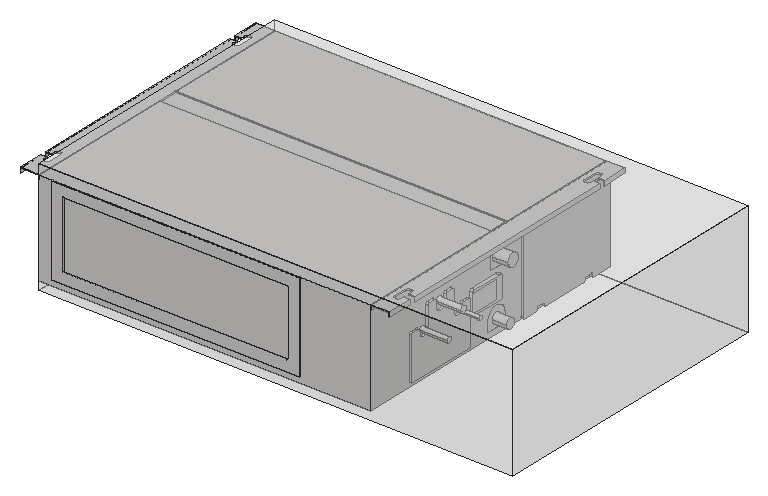
Revit family "outputfile", category 機械設備, Revit 2024
Family settings
  丸型コネクタ寸法 = 半径を使用
  パーツ タイプ = 標準
  OmniClass 番号 = 23.75.10.24.21.27.27
  OmniClass タイトル = Split System Air Conditioning Units
  作業面ベース = いいえ
  常に垂直 = はい
  ロード時にボイドで切り取り = いいえ
  注釈の向きを維持 = いいえ
  共有 = いいえ
  部屋計算ポイント = はい
Parameters (values of type "FPRAQ40APVM")
  Description = ""
  製造元 = "Daikin"
  書き出し IFC クラス(タイプ) = "IfcUnitaryEquipmentType"
  定義済み IFC タイプ(タイプ) = "AIRCONDITIONINGUNIT"
  Cost = 0
  モデル = "FPRAQ40APVM"
  Type Comments = ""
  Keynote = ""
  Type Image = (empty or 0)
  Assembly Code = ""
  r_HP/LP Gas Pipe Size = [HP/LP Gas Pipe Size] / 2  # 4.75 mm
  lw_suctionflange = 40.0 mm  # constant formula
  r_Liquid Pipe Size = Liquid Pipe Size / 2  # 3.2 mm
  r_Gas Pipe Size = Gas Pipe Size / 2  # 6.35 mm
  r_Drain Pipe Size = Drain Pipe Size / 2  # 13.0 mm
  lw_dischargeflange = 61.0 mm
  lw_SA_left = 351.0 mm
  lw_SA = Width - 178.0 mm  # 522.0 mm
  lw_RA = 618.0 mm
  lw_HP/LP Gas = 60.0 mm  # constant formula
  lh_suctionflange [instance] = if(Rear Connection_Return Air, -100.0 mm, -10.0 mm)  # -100.0 mm
  lh_power = 100.0 mm  # constant formula
  lh_mountinghole1 = lh_mountinghole  # 200.0 mm
  lh_dischargeflange = 105.5 mm  # constant formula
  lh_RA = 198.0 mm  # constant formula
  lh_HP/LP Gas = -103.0 mm  # constant formula
  left_pipe = no
  ld_dischargeflange = 310.0 mm  # constant formula
  ld_suctionflange [instance] = if(Rear Connection_Return Air, 190.0 mm, 100.0 mm)  # 190.0 mm
  ld_HP/LP Gas = 179.0 mm  # constant formula
  angle_vertical_RA [instance] = if(Rear Connection_Return Air, 90.00°, 0.00°)  # 90.00°
  angle horizontal_RA [instance] = if(Rear Connection_Return Air, 180.00°, 270.00°)  # 180.00°
  Voltage_comment_60Hz = "220-230"
  Voltage_comment_50Hz = "220 - 240"
  Voltage_60Hz = 220 V
  Voltage_50Hz = 230 V
  URL = ""
  Supply Air Direction [instance] = yes
  Sound Power Level_H speed (dB) = 0
  Rear Connection_Return Air [instance] = not(Bottom Connection_Return Air)  # yes
  ld_RA = 190.0 mm  # constant formula
  Phase_60Hz = 1
  Phase_50Hz = 1
  Minimum External Static Pressure = 0.00 Pa
  Minimum Circuit Amps_60Hz = 0.6 A
  Minimum Circuit Amps_50Hz = 0.6 A
  Maximum Fuse Amps_60Hz = 16.0 A
  Maximum Fuse Amps_50Hz = 16.0 A
  Maximum External Static Pressure = 10.00 Pa
  Material_Casing = DAIKIN_GalvanizedSteel_Casing_indoorunit
  lw_mountinghole = 740.0 mm
  lh_gaspipe = -67.0 mm  # constant formula
  lh_mountinghole = 200.0 mm  # constant formula
  lh_liquidpipe = -103.0 mm  # constant formula
  lh_drainpipe = -50.0 mm  # constant formula
  lh_antena = 1.0 mm  # constant formula
  ld_drainpipe = 23.0 mm  # constant formula
  ld_liquidpipe = 89.0 mm  # constant formula
  ld_gaspipe = 134.0 mm  # constant formula
  ld_mountinghole = 500.0 mm  # constant formula
  h*** = 100.0 mm  # constant formula
  lw_liquidpipe = 54.5 mm  # constant formula
  lw_gaspipe = 54.5 mm  # constant formula
  lw_drainpipe = 33.0 mm  # constant formula
  Width = 700.0 mm
  Version = "ver.1.0"
  Unit Type = "Moisture Control 3D Air Flow Ceiling Mounted Duct Type"
  Unit Mass Weight = 24.00 kg
  Unit Designation [instance] = ""
  Uniclass2015Version = "Products v1.30"
  Uniclass2015Title = "Variable refrigerant flow units"
  Uniclass2015Code = "Pr_70_65_03_94"
  Total Cooling Capacity [instance] = 0.000 kW
  Sound Pressure Level_M speed (dBA) = 32
  Sound Pressure Level_L speed (dBA) = 28
  Sound Pressure Level_H speed (dBA) = 36
  Series = "VRV HOME_Fan Coil Unit"
  Sensible Cooling Capacity [instance] = 0.000 kW
  SA Duct Size Width = 456.0 mm
  SA Duct Size Height = 141.0 mm
  Refrigerant Type = "R410A"
  RA Duct Size Width = 580.0 mm
  RA Duct Size Height = 160.0 mm
  Power Input (Cooling) = 0.050 kW
  Option Accessory 3 [instance] = ""
  Option Accessory 2 [instance] = ""
  Option Accessory 1 [instance] = ""
  Nominal Cooling Capacity = 4.500 kW
  Minimum Airflow = 432.00 m³/h
  Median Airflow = 510.00 m³/h
  Maximum Airflow = 600.00 m³/h
  Load Classification = HVAC
  Liquid Pipe Size = 6.4 mm
  Link_Nested Family [instance] = ""
  IfcVersion = ""
  IfcExportType = "AIRCONDITIONINGUNIT"
  IfcExportAs = "IfcUnitaryEquipmentType"
  Height = 200.0 mm
  Heat Exchanger Type = "Cross Fin Coil"
  HP/LP Gas Pipe Size = 9.5 mm
  Gas Pipe Size = 12.7 mm
  Frequency_60Hz = 60 Hz
  Frequency_50Hz = 50 Hz
  Fan Type = "Sirocco Fan"
  Fan Drive = "Direct Drive"
  FCU Tag No. [instance] = ""
  Drain Pipe Size = 26.0 mm
  Design Supply Airflow [instance] = 0.00 m³/h
  Design Return Airflow [instance] = 0.00 m³/h
  Design External Static Pressure [instance] = 0.00 Pa
  Depth = 620.0 mm
  既定の高さ = 0.0 mm
  Cooling Entering Wet Bulb Temperature [instance] = 0.00 °C
  Cooling Entering Dry Bulb Temperature [instance] = 0.00 °C
  Cooling Ambient Wet Bulb Temperature [instance] = 0.00 °C
  Cooling Ambient Dry Bulb Temperature [instance] = 0.00 °C
  Clearance visibility [instance] = yes
  Clearance Top = 20.0 mm
  Clearance Right = 300.0 mm
  Clearance Rear = 0.0 mm
  Clearance Left = 0.0 mm
  Clearance Front = 0.0 mm
  Clearance Bottom = 20.0 mm
  Bottom Connection_Return Air [instance] = no
Reference planes
  plane 1 "Center (Front/Back)": y = 0
  plane 2 "h": z = 0
  plane 3 "Center (Left/Right)": x = 0
  plane 4 "Back": y = 310
  plane 5 "Front": y = -310
  plane 6 "Left": x = -350
  plane 7 "Reight": x = 350
  plane 8 "Top": z = 0
  plane 9 "Bottom": z = -200
  plane 10: z = 1.2
  plane 11: z = -2
  plane 12: y = -136.255
  plane 13: y = -88.831
  plane 14: x = -370
  plane 15 "lh_mountinghole": z = 0
  plane 16: z = -50
  plane 17: y = -250
  plane 18: y = 250
  plane 19 "ld_liquidpipe": y = -89
  plane 20 "ld_gaspipe": y = -134
  plane 21: y = -215
  plane 22 "ld_drainpipe": y = 23
  plane 23: x = -370
  plane 24: x = -350
  plane 25: x = 348.7
  plane 26: x = 383
  plane 27: x = 357
  plane 28: x = 360
  plane 29: x = 358
  plane 30: x = 370
  plane 31: y = 20
  plane 32: x = 380
  plane 33: x = 348
  plane 34: y = 310
  plane 35: y = -310
  plane 36: x = -350
  plane 37: x = 650
  plane 38: z = 20
  plane 39: z = -220
  plane 40: y = 335
  plane 41: z = -198
  plane 42: z = 205.102
  plane 43 "d_liquid_pipe": x = 404.5
  plane 44 "d_gas_pipe": x = 404.5
  plane 45 "ld_SA": y = -310
  plane 46: x = -350
  plane 47: x = -61
  plane 48: y = 500
  plane 49: z = -94.5
  plane 50: x = -349
  plane 51: z = -199
  plane 52: z = -1
  plane 53: y = 120
  plane 54: y = 110
  plane 55: z = -10
  plane 56 "RA_width": x = -40
  plane 57: y = 210
  plane 58 "RA_depth": y = 120
  plane 59: z = -100
  plane 60: x = -349
  plane 61: y = 309
  plane 62: x = 241.57
  plane 63: z = -30
  plane 64 "ld_HP/LP Gas": y = -179
  plane 65: x = 410
  plane 66: x = 330.5
  plane 67: y = 260.8
  plane 68 "h115": z = -84.79
  plane 69: y = 194.79
Forms (mm)
  Extrusion 1, solid, material "DAIKIN_GalvanizedSteel_Casing_indoorunit" <- "Material_Casing"
    sketch origin (0, 0, 0) x (1, 0, 0) y (0, 1, 0)
      loop
        line (-350, 310) -> (-350, -310) -> (350, -310) -> (350, 310) -> (-350, 310)
    from -200 to 0
  Extrusion 2, solid, material "DAIKIN_GalvanizedSteel_Casing_indoorunit" <- "Material_Casing"
    sketch origin (0, 0, 0) x (0, 1, 0) y (0, 0, 1)
      loop
        arc (22.012, -86.909) -> (21.133, -84.787) -> (19.012, -83.909) r 3
        line (19.012, -83.909) -> (-47.992, -83.909)
        arc (-47.992, -83.909) -> (-50.114, -84.788) -> (-50.992, -86.91) r 3
        line (-50.992, -86.91) -> (-50.992, -128.409)
        arc (-50.992, -128.409) -> (-50.114, -130.53) -> (-47.992, -131.409) r 3
        line (-47.992, -131.409) -> (19.012, -131.409)
        arc (19.012, -131.409) -> (21.133, -130.53) -> (22.012, -128.409) r 3
        line (22.012, -128.409) -> (22.012, -86.909)
    from 350 to 360
  Extrusion 3, void
    sketch origin (0, 0, 0) x (1, 0, 0) y (0, 1, 0)
      loop
        line (348.7, 48.53) -> (-350, 48.53) -> (-350, 6.27) -> (348.7, 6.27) -> (348.7, 48.53)
    from -2 to 0
  Extrusion 4, void
    sketch origin (0, 0, 0) x (0, 1, 0) y (0, 0, 1)
      loop
        line (-138.492, -87.409) -> (-138.492, -127.909) -> (9.612, -127.909) -> (9.612, -87.409) -> (-138.492, -87.409)
    from 358 to 360
  Extrusion 5, solid, material "DAIKIN_GalvanizedSteel_Casing_indoorunit" <- "Material_Casing"
    sketch origin (0, 0, 0) x (0, 1, 0) y (0, 0, 1)
      loop
        circle (20, -170) r 10
    from 350 to 380
  Extrusion 6, solid, material "DAIKIN_GalvanizedSteel_Casing_indoorunit" <- "Material_Casing"
    sketch origin (0, 0, 0) x (0, 1, 0) y (0, 0, 1)
      loop
        circle (23, -50) r 13
    from 348 to 383
  Extrusion 7, void
    sketch origin (0, 0, 0) x (0, 1, 0) y (0, 0, 1)
      loop
        arc (2.051, -70.461) -> (3.512, -73.988) -> (7.039, -75.449) r 4.988
        line (7.039, -75.449) -> (38.961, -75.449)
        arc (38.961, -75.449) -> (42.488, -73.988) -> (43.949, -70.461) r 4.988
        line (43.949, -70.461) -> (43.949, -34.039)
        arc (43.949, -34.039) -> (42.488, -30.512) -> (38.961, -29.051) r 4.988
        line (38.961, -29.051) -> (7.039, -29.051)
        arc (7.039, -29.051) -> (3.512, -30.512) -> (2.051, -34.039) r 4.988
        line (2.051, -34.039) -> (2.051, -70.461)
      loop
        arc (44.442, -169.501) -> (20.002, -145.061) -> (-4.438, -169.501) r 24.44
        line (-4.438, -169.501) -> (-4.438, -189.537) -> (44.442, -189.537) -> (44.442, -169.501)
    from 348 to 350
  Extrusion 8, solid
    sketch origin (0, 0, 0) x (0, 1, 0) y (0, 0, 1)
      loop
        circle (-89, -103) r 3.2
    from 350 to 404.5
  Extrusion 9, solid
    sketch origin (0, 0, 0) x (0, 1, 0) y (0, 0, 1)
      loop
        circle (-134, -67) r 6.35
    from 350 to 404.5
  Extrusion 10, solid, material "DAIKIN_GalvanizedSteel_Casing_indoorunit" <- "Material_Casing"
    sketch origin (0, 0, 0) x (1, 0, 0) y (0, 1, 0)
      loop
        circle (330.5, 260.8) r 17.5
    from -198 to -200
  Extrusion 11, void
    sketch origin (0, 0, 0) x (1, 0, 0) y (0, 0, 1)
      loop
        line (-349, -1) -> (-349, -199) -> (269, -199) -> (269, -1) -> (-349, -1)
    from -310 to -120
  Extrusion 12, void
    sketch origin (0, 0, 0) x (1, 0, 0) y (0, 1, 0)
      loop
        line (-349, 309) -> (-349, 111) -> (269, 111) -> (269, 309) -> (-349, 309)
    from -200 to -10
  Extrusion 13, solid, material "DAIKIN_GalvanizedSteel_Casing_indoorunit" <- "Material_Casing", visible <- "Rear Connection_Return Air"
    sketch origin (0, 0, 0) x (1, 0, 0) y (0, 1, 0)
      loop
        line (269, 309) -> (-349, 309) -> (-349, 111) -> (269, 111) -> (269, 309)
    from -200 to -199
  Extrusion 14, solid, material "DAIKIN_GalvanizedSteel_Casing_indoorunit" <- "Material_Casing", visible <- "Bottom Connection_Return Air"
    sketch origin (0, 0, 0) x (1, 0, 0) y (0, 0, 1)
      loop
        line (269, -1) -> (-349, -1) -> (-349, -199) -> (269, -199) -> (269, -1)
    from -310 to -300
  Extrusion 15, solid
    sketch origin (0, 0, 0) x (0, 1, 0) y (0, 0, 1)
      loop
        circle (-179, -103) r 4.75
    from 350 to 410
  Extrusion 16, solid, material "DAIKIN_GalvanizedSteel_Casing_indoorunit" <- "Material_Casing"
    sketch origin (0, 0, 0) x (0, 1, 0) y (0, 0, 1)
      loop
        arc (83.953, -195.012) -> (84.829, -197.128) -> (86.945, -198.005) r 2.993
        line (86.945, -198.005) -> (116.373, -198.005)
        arc (116.373, -198.005) -> (118.489, -197.128) -> (119.366, -195.012) r 2.993
        line (119.366, -195.012) -> (119.366, -188.29)
        arc (119.366, -188.29) -> (120.862, -186.794) -> (122.359, -188.29) r 1.496
        line (122.359, -188.29) -> (122.359, -190.333) -> (137.322, -190.333) -> (137.322, -188.29)
        arc (137.322, -188.29) -> (138.818, -186.794) -> (140.315, -188.29) r 1.496
        line (140.315, -188.29) -> (140.315, -195.012)
        arc (140.315, -195.012) -> (141.191, -197.128) -> (143.307, -198.005) r 2.993
        line (143.307, -198.005) -> (241.068, -198.005)
        arc (241.068, -198.005) -> (243.185, -197.128) -> (244.061, -195.012) r 2.993
        line (244.061, -195.012) -> (244.061, -188.29)
        arc (244.061, -188.29) -> (245.558, -186.794) -> (247.054, -188.29) r 1.496
        line (247.054, -188.29) -> (247.054, -190.333) -> (262.017, -190.333) -> (262.017, -188.29)
        arc (262.017, -188.29) -> (263.514, -186.794) -> (265.01, -188.29) r 1.496
        line (265.01, -188.29) -> (265.01, -195.012)
        arc (265.01, -195.012) -> (265.887, -197.128) -> (268.003, -198.005) r 2.993
        line (268.003, -198.005) -> (310, -198.005) -> (310, -22.445) -> (280.969, -22.445) -> (277.477, -25.937) -> (207.648, -25.937) -> (204.157, -22.445) -> (86.945, -22.445)
        arc (86.945, -22.445) -> (84.829, -23.322) -> (83.953, -25.438) r 2.993
        line (83.953, -25.438) -> (83.953, -195.012)
      loop
        arc (-116.44, -57.656) -> (-118.563, -58.535) -> (-119.443, -60.659) r 3.003
        line (-119.443, -60.659) -> (-119.443, -71.5)
        arc (-119.443, -71.5) -> (-134, -86.057) -> (-148.557, -71.5) r 14.557
        line (-148.557, -71.5) -> (-148.557, -60.659)
        arc (-148.557, -60.659) -> (-149.437, -58.535) -> (-151.56, -57.656) r 3.003
        line (-151.56, -57.656) -> (-164.073, -57.656)
        arc (-164.073, -57.656) -> (-166.196, -58.535) -> (-167.076, -60.659) r 3.003
        line (-167.076, -60.659) -> (-167.076, -103)
        arc (-167.076, -103) -> (-179.13, -115.055) -> (-191.185, -103) r 12.055
        line (-191.185, -103) -> (-191.185, -98.897)
        arc (-191.185, -98.897) -> (-192.064, -96.774) -> (-194.188, -95.894) r 3.003
        line (-194.188, -95.894) -> (-208.202, -95.894)
        arc (-208.202, -95.894) -> (-210.325, -96.774) -> (-211.205, -98.897) r 3.003
        line (-211.205, -98.897) -> (-211.205, -189.537) -> (-58.882, -189.537) -> (-58.882, -98.897)
        arc (-58.882, -98.897) -> (-59.762, -96.774) -> (-61.885, -95.894) r 3.003
        line (-61.885, -95.894) -> (-74.026, -95.894)
        arc (-74.026, -95.894) -> (-76.15, -96.774) -> (-77.029, -98.897) r 3.003
        line (-77.029, -98.897) -> (-77.029, -103)
        arc (-77.029, -103) -> (-88.977, -114.948) -> (-100.924, -103) r 11.948
        line (-100.924, -103) -> (-100.924, -60.659)
        arc (-100.924, -60.659) -> (-101.804, -58.535) -> (-103.927, -57.656) r 3.003
        line (-103.927, -57.656) -> (-116.44, -57.656)
    from 350 to 357
  Revolve 17, solid, material "DAIKIN_GalvanizedSteel_Casing_indoorunit" <- "Material_Casing", visible <- "left_pipe"
    sketch origin (0, 0, -84.79) x (0, 1, 0) y (-1, 0, 0)
      loop
        line (194.79, 350) -> (194.79, 365.7) -> (187.29, 365.7) -> (187.29, 358.7) -> (177.29, 358.7) -> (177.29, 350) -> (194.79, 350)
      axis (194.79, 365.7) -> (194.79, 350)
    angle from 0 to 360
Cuts and joins
  Extrusion 3, Extrusion 4, Extrusion 7, Extrusion 11, Extrusion 12 cuts Extrusion 1
  Extrusion 4 cuts Extrusion 2
  Extrusion 11 cuts Extrusion 6
Dimensions and locks
  "Height": plane 8 "Top" to plane 9 "Bottom"
  locked: plane 10 to plane 8 "Top" at 1.2
  locked: plane 8 "Top" to plane 11 at 2
  equal spacing: plane 17, plane 1 "Center (Front/Back)", plane 18
  "ld_mountinghole": plane 17 to plane 18
  "ld_gaspipe": plane 20 "ld_gaspipe" to plane 1 "Center (Front/Back)"
  "ld_liquidpipe": plane 19 "ld_liquidpipe" to plane 1 "Center (Front/Back)"
  equal spacing: plane 4 "Back", plane 1 "Center (Front/Back)", plane 5 "Front"
  "Depth": plane 4 "Back" to plane 5 "Front"
  locked: plane 12 to plane 1 "Center (Front/Back)" at 136.255
  locked: plane 12 to plane 13 at 47.425
  locked: plane 13 to plane 1 "Center (Front/Back)" at 88.831
  equal spacing: plane 6 "Left", plane 3 "Center (Left/Right)", plane 7 "Reight"
  "Width": plane 6 "Left" to plane 7 "Reight"
  "lw_drainpipe": plane 7 "Reight" to plane 26
  locked: plane 7 "Reight" to plane 27 at 7
  locked: plane 28 to plane 26 at 23
  locked: plane 29 to plane 26 at 25
  equal spacing: plane 23, plane 3 "Center (Left/Right)", plane 30
  "lw_mountinghole": plane 23 to plane 30
  locked: plane 7 "Reight" to plane 32 at 30
  locked: plane 33 to plane 7 "Reight" at 2
  "Clearance Left": plane 36 to plane 6 "Left"
  "Clearance Right": plane 7 "Reight" to plane 37
  "Clearance Rear": plane 34 to plane 4 "Back"
  "Clearance Front": plane 5 "Front" to plane 35
  "Clearance Top": plane 38 to plane 8 "Top"
  "Clearance Bottom": plane 9 "Bottom" to plane 39
  locked: plane 40 to plane 4 "Back" at 25
  locked: plane 25 to plane 7 "Reight" at 1.3
  locked: plane 41 to plane 9 "Bottom" at 2
  "lw_liquidpipe": plane 7 "Reight" to plane 43 "d_liquid_pipe"
  "lw_gaspipe": plane 7 "Reight" to plane 44 "d_gas_pipe"
  "lh_mountinghole": plane 15 "lh_mountinghole" to plane 9 "Bottom"
  "ld_suctionflange": plane 48 to plane 4 "Back"
  "lw_dischargeflange": plane 47 to plane 3 "Center (Left/Right)"
  "lh_dischargeflange": plane 49 to plane 9 "Bottom"
  locked: plane 8 "Top" to plane 52 at 1
  locked: plane 50 to plane 6 "Left" at 1
  locked: plane 51 to plane 9 "Bottom" at 1
  locked: plane 55 to plane 9 "Bottom" at 190
  locked: plane 4 "Back" to plane 53 at 190
  locked: plane 4 "Back" to plane 54 at 200
  locked: plane 4 "Back" to plane 57 at 100
  "lw_suctionflange": plane 56 "RA_width" to plane 3 "Center (Left/Right)"
  "ld_suctionflange": plane 4 "Back" to plane 58 "RA_depth"
  "lh_power": plane 59 to plane 9 "Bottom"
  locked: plane 46 to plane 60 at 1
  locked: plane 34 to plane 61 at 1
  locked: plane 8 "Top" to plane 63 at 30
  locked: plane 7 "Reight" to plane 62 at 108.43
  locked: plane 16 to plane 9 "Bottom" at 150
  locked: Extrusion 3 sketch curve to Extrusion 3 sketch curve at 42.26
  "ld_HP/LP Gas": plane 64 "ld_HP/LP Gas" to plane 1 "Center (Front/Back)"
  "ld_drainpipe": plane 1 "Center (Front/Back)" to plane 22 "ld_drainpipe"
  locked: plane 1 "Center (Front/Back)" to plane 31 at 20
  locked: Extrusion 5 sketch curve to plane 9 "Bottom" at 30
  Extrusion 15 sketch curve to plane 9 "Bottom" = 97.0 mm
  "lw_HP/LP Gas": plane 7 "Reight" to plane 65
  locked: Extrusion 9 sketch curve to plane 9 "Bottom" at 133
  locked: Extrusion 8 sketch curve to plane 9 "Bottom" at 97
  plane 66 to plane 7 "Reight" = 19.5 mm
  locked: plane 68 "h115" to plane 9 "Bottom" at 115.21
  locked: plane 4 "Back" to plane 69 at 115.21
  Revolve 17 sketch curve to plane 6 "Left" = 8.7 mm
  Revolve 17 sketch curve to plane 6 "Left" = 15.7 mm
  locked: plane 69 to Revolve 17 sketch curve at 17.5
  locked: plane 69 to Revolve 17 sketch curve at 7.5
  "ld_dischargeflange": plane 45 "ld_SA" to plane 1 "Center (Front/Back)"
  plane 4 "Back" to cut or joined group of Extrusion 1, Extrusion 3, Extrusion 4, Extrusion 7, Extrusion 11, Extrusion 12 = 261.47 mm
  plane 4 "Back" to plane 67 = 49.2 mm
  "Drain Pipe Size": diameter of Extrusion 6 sketch curve
  "Liquid Pipe Size": diameter of Extrusion 8 sketch curve
  "Gas Pipe Size": diameter of Extrusion 9 sketch curve
  "HP/LP Gas Pipe Size": diameter of Extrusion 15 sketch curve
  aligned and locked: level to plane 2 "h"
  aligned and locked: plane 8 "Top" to Extrusion 1
  aligned and locked: Extrusion 1 to plane 9 "Bottom"
  aligned and locked: Extrusion 3 to plane 11
  aligned and locked: plane 8 "Top" to Extrusion 3
  aligned and locked: Extrusion 2 to Extrusion 4
  aligned and locked: nested 3 to plane 20 "ld_gaspipe"
  aligned and locked: nested 4 to plane 19 "ld_liquidpipe"
  aligned and locked: nested 5 to plane 22 "ld_drainpipe"
  aligned and locked: nested 1 to plane 7 "Reight"
  aligned and locked: plane 6 "Left" to plane 24
  aligned and locked: Extrusion 3 sketch curve to plane 24
  aligned and locked: Extrusion 3 sketch curve to plane 25
  aligned and locked: cut or joined group of Extrusion 1, Extrusion 3, Extrusion 4, Extrusion 7, Extrusion 11, Extrusion 12 to plane 6 "Left"
  aligned and locked: plane 7 "Reight" to cut or joined group of Extrusion 1, Extrusion 3, Extrusion 4, Extrusion 7, Extrusion 11, Extrusion 12
  aligned and locked: plane 26 to Extrusion 6
  aligned and locked: Extrusion 6 to plane 26  (x2)
  aligned and locked: plane 7 "Reight" to nested 1
  aligned and locked: plane 28 to cut or joined group of Extrusion 2, Extrusion 4
  aligned and locked: cut or joined group of Extrusion 2, Extrusion 4 to plane 29
  aligned and locked: nested 2 to plane 6 "Left"
  aligned and locked: plane 31 to Extrusion 5 sketch curve
  aligned and locked: Extrusion 5 to plane 7 "Reight"
  aligned and locked: plane 32 to Extrusion 5
  aligned and locked: Extrusion 2 to plane 7 "Reight"
  aligned and locked: plane 7 "Reight" to Extrusion 7
  aligned and locked: plane 33 to Extrusion 7
  aligned and locked: plane 33 to Extrusion 6
  aligned and locked: plane 3 "Center (Left/Right)" to nested 6
  aligned and locked: plane 1 "Center (Front/Back)" to nested 6
  aligned and locked: plane 4 "Back" to cut or joined group of Extrusion 1, Extrusion 3, Extrusion 4, Extrusion 7, Extrusion 11, Extrusion 12
  aligned and locked: nested 7 to plane 35
  aligned and locked: plane 36 to nested 7
  aligned and locked: plane 37 to nested 7
  aligned and locked: nested 7 to plane 36
  aligned and locked: plane 34 to nested 7
  aligned and locked: plane 38 to nested 7
  aligned and locked: plane 39 to nested 7
  aligned and locked: Extrusion 8 to plane 7 "Reight"
  aligned and locked: plane 43 "d_liquid_pipe" to Extrusion 8
  aligned and locked: plane 20 "ld_gaspipe" to Extrusion 9 sketch curve
  aligned and locked: Extrusion 9 to plane 7 "Reight"
  aligned and locked: plane 44 "d_gas_pipe" to Extrusion 9
  aligned and locked: plane 44 "d_gas_pipe" to nested 3
  aligned and locked: plane 43 "d_liquid_pipe" to nested 4
  aligned and locked: plane 19 "ld_liquidpipe" to Extrusion 8 sketch curve
  aligned and locked: plane 15 "lh_mountinghole" to nested 2
  aligned and locked: plane 15 "lh_mountinghole" to nested 1
  aligned and locked: plane 30 to nested 8
  aligned and locked: plane 17 to nested 8
  aligned and locked: plane 30 to nested 11
  aligned and locked: plane 18 to nested 11
  aligned and locked: plane 23 to nested 9
  aligned and locked: plane 18 to nested 9
  aligned and locked: plane 23 to nested 10
  aligned and locked: plane 17 to nested 10
  aligned and locked: plane 47 to nested 12
  aligned and locked: plane 49 to nested 12
  aligned and locked: Extrusion 10 to plane 9 "Bottom"
  aligned and locked: nested 13 to plane 9 "Bottom"
  aligned and locked: plane 50 to Extrusion 11 sketch curve
  aligned and locked: Extrusion 11 sketch curve to plane 52
  aligned and locked: plane 51 to Extrusion 11 sketch curve
  aligned and locked: plane 4 "Back" to Extrusion 11
  aligned and locked: Extrusion 12 to plane 9 "Bottom"
  aligned and locked: plane 55 to Extrusion 12
  aligned and locked: Extrusion 13 sketch curve to cut or joined group of Extrusion 1, Extrusion 3, Extrusion 4, Extrusion 7, Extrusion 11, Extrusion 12
  aligned and locked: cut or joined group of Extrusion 1, Extrusion 3, Extrusion 4, Extrusion 7, Extrusion 11, Extrusion 12 to Extrusion 13 sketch curve
  aligned and locked: Extrusion 13 to plane 9 "Bottom"
  aligned and locked: Extrusion 11 to plane 53
  aligned and locked: Extrusion 14 sketch curve to cut or joined group of Extrusion 1, Extrusion 3, Extrusion 4, Extrusion 7, Extrusion 11, Extrusion 12  (x3)
  aligned and locked: plane 4 "Back" to Extrusion 14
  aligned and locked: Extrusion 13 to cut or joined group of Extrusion 1, Extrusion 3, Extrusion 4, Extrusion 7, Extrusion 11, Extrusion 12
  aligned and locked: plane 7 "Reight" to nested 5
  aligned and locked: plane 22 "ld_drainpipe" to nested 5
  aligned and locked: nested 2 to plane 1 "Center (Front/Back)"
  aligned and locked: plane 22 "ld_drainpipe" to Extrusion 6 sketch curve
  aligned and locked: plane 7 "Reight" to nested 17
  aligned and locked: plane 64 "ld_HP/LP Gas" to nested 17
  aligned and locked: plane 64 "ld_HP/LP Gas" to Extrusion 15 sketch curve
  aligned and locked: Extrusion 15 to plane 65
  aligned and locked: Extrusion 16 to plane 7 "Reight"
  aligned and locked: Extrusion 16 to plane 27
  aligned and locked: plane 67 to Extrusion 10 sketch curve
  aligned and locked: plane 66 to Extrusion 10 sketch curve
  aligned and locked: plane 66 to nested 13
  aligned and locked: plane 67 to nested 13
  aligned and locked: nested 16 to Extrusion 13 sketch curve
  aligned and locked: plane 56 "RA_width" to nested 15
  aligned and locked: Extrusion 15 to plane 7 "Reight"
  aligned and locked: plane 56 "RA_width" to nested 16
  aligned and locked: Revolve 17 sketch curve to plane 69  (x2)
  aligned and locked: nested 15 to plane 58 "RA_depth"
  aligned and locked: plane 47 to nested 18
  aligned and locked: nested 18 to plane 49
  aligned and locked: plane 1 "Center (Front/Back)" to nested 12
  aligned and locked: plane 45 "ld_SA" to nested 18
  aligned and locked: plane 5 "Front" to Extrusion 1 sketch curve
Automatic sketch dimensions
  Extrusion 1 sketch curve to plane 6 "Left" = 0.0 mm
  Extrusion 1 sketch curve to plane 7 "Reight" = 0.0 mm
  Extrusion 1 sketch curve to plane 4 "Back" = 0.0 mm
  plane 6 "Left" to Extrusion 12 sketch curve = 1.0 mm
  Extrusion 12 sketch curve to plane 7 "Reight" = 81.0 mm
  Extrusion 12 sketch curve to plane 4 "Back" = 1.0 mm
  Extrusion 13 sketch curve to plane 4 "Back" = 1.0 mm
  plane 33 to Extrusion 14 sketch curve = 79.0 mm
  plane 33 to Extrusion 11 sketch curve = 79.0 mm
  plane 54 to Extrusion 12 sketch curve = 1.0 mm
  Extrusion 6 sketch curve to plane 16 = 0.0 mm
  Extrusion 2 sketch curve to Extrusion 2 sketch curve = 3.0 mm  (x5)
  Extrusion 2 sketch curve to plane 49 = 7.591 mm
  Extrusion 4 sketch curve to plane 49 = 7.091 mm
  Extrusion 4 sketch curve to plane 1 "Center (Front/Back)" = 9.612 mm
  plane 20 "ld_gaspipe" to Extrusion 4 sketch curve = 4.492 mm
  Extrusion 4 sketch curve to plane 59 = 27.909 mm
  plane 22 "ld_drainpipe" to Extrusion 2 sketch curve = 3.988 mm
  Extrusion 2 sketch curve to plane 59 = 28.409 mm
  Extrusion 2 sketch curve to plane 19 "ld_liquidpipe" = 41.008 mm
  plane 1 "Center (Front/Back)" to Extrusion 7 sketch curve = 4.438 mm
  Extrusion 7 sketch curve to plane 1 "Center (Front/Back)" = 2.051 mm
  plane 63 to Extrusion 7 sketch curve = 0.949 mm
  Extrusion 7 sketch curve to plane 1 "Center (Front/Back)" = 7.039 mm  (x2)
  plane 22 "ld_drainpipe" to Extrusion 7 sketch curve = 2.998 mm
  Extrusion 7 sketch curve to plane 22 "ld_drainpipe" = 15.961 mm  (x2)
  Extrusion 7 sketch curve to Extrusion 7 sketch curve = 4.988 mm
  Extrusion 7 sketch curve to plane 49 = 24.039 mm
  plane 41 to Extrusion 7 sketch curve = 28.499 mm
  plane 41 to Extrusion 7 sketch curve = 8.463 mm
  Extrusion 16 sketch curve to plane 21 = 3.795 mm  (x2)
  Extrusion 16 sketch curve to Extrusion 16 sketch curve = 3.003 mm  (x6)
  plane 49 to Extrusion 16 sketch curve = 1.394 mm  (x4)
  Extrusion 16 sketch curve to Extrusion 16 sketch curve = 0.0 mm  (x18)
  plane 49 to Extrusion 16 sketch curve = 4.397 mm  (x2)
  Extrusion 16 sketch curve to Extrusion 16 sketch curve = 14.014 mm
  Extrusion 16 sketch curve to plane 64 "ld_HP/LP Gas" = 0.13 mm
  plane 64 "ld_HP/LP Gas" to Extrusion 16 sketch curve = 11.924 mm
  Extrusion 16 sketch curve to Extrusion 16 sketch curve = 12.513 mm  (x2)
  plane 20 "ld_gaspipe" to Extrusion 16 sketch curve = 0.0 mm
  Extrusion 16 sketch curve to plane 59 = 3.0 mm  (x3)
  plane 19 "ld_liquidpipe" to Extrusion 16 sketch curve = 11.924 mm
  Extrusion 16 sketch curve to plane 19 "ld_liquidpipe" = 0.023 mm
  Extrusion 16 sketch curve to Extrusion 16 sketch curve = 12.141 mm
  plane 41 to Extrusion 16 sketch curve = 8.463 mm
  Extrusion 16 sketch curve to plane 19 "ld_liquidpipe" = 30.118 mm
  plane 63 to Extrusion 16 sketch curve = 4.562 mm
  Extrusion 16 sketch curve to plane 53 = 36.047 mm
  Extrusion 16 sketch curve to Extrusion 16 sketch curve = 2.993 mm  (x4)
  Extrusion 16 sketch curve to plane 41 = 0.005 mm  (x3)
  Extrusion 16 sketch curve to plane 53 = 3.627 mm
  Extrusion 16 sketch curve to plane 53 = 0.634 mm
  plane 53 to Extrusion 16 sketch curve = 0.862 mm
  Extrusion 16 sketch curve to Extrusion 16 sketch curve = 14.963 mm
  Extrusion 16 sketch curve to Extrusion 16 sketch curve = 1.496 mm  (x3)
  Extrusion 16 sketch curve to plane 57 = 5.843 mm
  Extrusion 16 sketch curve to plane 57 = 2.352 mm
  plane 18 to Extrusion 16 sketch curve = 8.932 mm
  plane 18 to Extrusion 16 sketch curve = 5.939 mm
  Extrusion 16 sketch curve to plane 18 = 12.017 mm
  plane 63 to Extrusion 16 sketch curve = 4.063 mm
  Extrusion 16 sketch curve to plane 18 = 27.477 mm
  Extrusion 16 sketch curve to Extrusion 16 sketch curve = 3.491 mm
  Extrusion 16 sketch curve to plane 4 "Back" = 0.0 mm
  Extrusion 16 sketch curve to Extrusion 16 sketch curve = 4.679 mm  (x2)
  Extrusion 16 sketch curve to Extrusion 16 sketch curve = 2.042 mm  (x4)
  Extrusion 16 sketch curve to plane 49 = 23.0 mm
  Extrusion 16 sketch curve to Extrusion 16 sketch curve = 10.841 mm  (x4)
  plane 63 to Extrusion 16 sketch curve = 7.555 mm
  Revolve 17 sketch curve to plane 6 "Left" = 0.0 mm
  plane 60 to Revolve 17 sketch curve = 53.3 mm
  Revolve 17 sketch curve to plane 14 = 10.7 mm
  Extrusion 3 sketch curve to plane 1 "Center (Front/Back)" = 6.27 mm
  radius of Extrusion 5 sketch curve = 10.0 mm
  radius of Extrusion 10 sketch curve = 17.5 mm
Nested families
  nested 1: "daikin_hangerfixture_FPRSQ-APVM" at (350, 0, 0), type "daikin_hangerfixture_FPRSQ-APVM"
  nested 2: "daikin_hangerfixture_FPRSQ-APVM" at (-350, 0, 0) x (-1, 0, 0) z (0, 0, 1), type "daikin_hangerfixture_FPRSQ-APVM"
  nested 3: "daikin_connector_rotate2" at (350, -134, -67) x (0, 1, 0) z (0, 0, 1), length <- "lw_gaspipe", built-in parameter 1001364 <- "lh_gaspipe", type "daikin_connector_rotate2"
    with radius 6.35 mm, length 54.5 mm, angle_vertical 90.00°
  nested 4: "daikin_connector_rotate2" at (350, -89, -103) x (0, 1, 0) z (0, 0, 1), length <- "lw_liquidpipe", built-in parameter 1001364 <- "lh_liquidpipe", type "daikin_connector_rotate2"
    with radius 3.2 mm, length 54.5 mm, angle_vertical 90.00°
  nested 5: "daikin_connector_rotate2" at (350, 23, -50) x (0, 1, 0) z (0, 0, 1), length <- "lw_drainpipe", built-in parameter 1001364 <- "lh_drainpipe", type "daikin_connector_rotate2"
    with radius 10.0 mm, length 33.0 mm, angle_vertical 90.00°
  nested 6: "daikin_△_symbolicline" at (0, 0, 200), built-in parameter 1001364 <- "Height", visible <- "Supply Air Direction", type "daikin_△_symbolicline"
    with length 200.0 mm
  nested 7: "daikin_clearancespace" at (150, 0, -99.881), visible <- "Clearance visibility", show <- "Clearance visibility", Link_Nested Family <- "Link_Nested Family", type "daikin_clearancespace"
    with width 1000.0 mm, show yes, height 240.0 mm, depth 620.0 mm, Link_Nested Family ""
  nested 8: "daikin_mountinghole" at (370, -250, -200), l_antenna <- "lh_antena", Link_Nested Family <- "Link_Nested Family", h_mountinghole <- "lh_mountinghole1", type "daikin_mountinghole"
    with show yes, l_antenna 1.0 mm, h_mountinghole 200.0 mm, Link_Nested Family ""
  nested 9: "daikin_mountinghole" at (-370, 250, -200), l_antenna <- "lh_antena", Link_Nested Family <- "Link_Nested Family", h_mountinghole <- "lh_mountinghole1", type "daikin_mountinghole"
    with show yes, l_antenna 1.0 mm, h_mountinghole 200.0 mm, Link_Nested Family ""
  nested 10: "daikin_mountinghole" at (-370, -250, -200), l_antenna <- "lh_antena", Link_Nested Family <- "Link_Nested Family", h_mountinghole <- "lh_mountinghole1", type "daikin_mountinghole"
    with show yes, l_antenna 1.0 mm, h_mountinghole 200.0 mm, Link_Nested Family ""
  nested 11: "daikin_mountinghole" at (370, 250, -200), l_antenna <- "lh_antena", Link_Nested Family <- "Link_Nested Family", h_mountinghole <- "lh_mountinghole1", type "daikin_mountinghole"
    with show yes, l_antenna 1.0 mm, h_mountinghole 200.0 mm, Link_Nested Family ""
  nested 12: "daikin_connector_rotate2" at (-61, 0, -94.5), length <- "ld_dischargeflange", type "daikin_connector_rotate2"
    with radius 10.0 mm, length 310.0 mm, angle_vertical 90.00°
  nested 13: "daikin_connector_rotate2" at (330.5, 260.8, -100) x (1, 0, 0) z (0, -1, 0), length <- "lh_power", type "daikin_connector_rotate2"
    with radius 10.0 mm, length 100.0 mm, angle_vertical 90.00°
  nested 14: "daikin_ductflange_FPRSQ-APVM2" at (-40, 310, -199), height <- "lh_RA", width <- "lw_RA", visible <- "Rear Connection_Return Air", type "daikin_ductflange_FPRSQ-APVM2"
    with width 618.0 mm, height 198.0 mm, depth 8.188 mm
  nested 15: "daikin_connector_rotate3" at (-40, 120, -100), built-in parameter 1001364 <- "lh_suctionflange", length <- "ld_RA", angle_vertical <- "angle_vertical_RA", angle_horizontal <- "angle horizontal_RA", type "daikin_connector_rotate3"
    with show no, radius 10.0 mm, length 190.0 mm, angle_vertical 90.00°, angle_horizontal 180.00°
  nested 16: "daikin_ductflange_FPRSQ-APVM2" at (-40, 111, -200) x (1, 0, 0) z (0, 1, 0), width <- "lw_RA", height <- "lh_RA", visible <- "Bottom Connection_Return Air", type "daikin_ductflange_FPRSQ-APVM2"
    with width 618.0 mm, height 198.0 mm, depth 562.323 mm
  nested 17: "daikin_connector_rotate2" at (350, -179, -103) x (0, 1, 0) z (0, 0, 1), length <- "lw_HP/LP Gas", built-in parameter 1001364 <- "lh_HP/LP Gas", type "daikin_connector_rotate2"
    with radius 4.8 mm, length 60.0 mm, angle_vertical 90.00°
  nested 18: "daikin_ductflange_FPRSQ-APVM3" at (-61, -310, -193.5), height <- "lh_RA", width <- "lw_SA", type "daikin_ductflange_FPRSQ-APVM3"
    with width 522.0 mm, height 198.0 mm, depth 1.0 mm
Connectors
  piping at (404.5, -134, -67), diameter 12.7, driven by "r_Gas Pipe Size"
    settings: on nested 3, index 3, connector inside diameter 609.6 mm, connector length 0.0 mm, flow factor 0, pipe flow 0.00 m³/h, pressure drop 0.0 Pa, fitting loss kfactor 0, connector angle 0.00°, fixture units 0, engagement length 0.0 mm, angle of deflection 0.00°, flow configuration 1, flow direction 2, fitting loss method 0, system type 29, joint type 0, gender type 0, connector reference index -1, connector utility 0, adjustable connector no, is connector primary yes, connector description "Refrigerant Gas Piping"
  piping at (404.5, -89, -103), diameter 6.4, driven by "r_Liquid Pipe Size"
    settings: on nested 4, index 4, connector inside diameter 609.6 mm, connector length 0.0 mm, flow factor 0, pipe flow 0.00 m³/h, pressure drop 0.0 Pa, fitting loss kfactor 0, connector angle 0.00°, fixture units 0, engagement length 0.0 mm, angle of deflection 0.00°, flow configuration 1, flow direction 1, fitting loss method 0, system type 29, joint type 0, gender type 0, connector reference index -1, connector utility 0, adjustable connector no, is connector primary no, connector description "Refrigerant Liquid Piping"
  piping at (383, 23, -50), diameter 26, driven by "r_Drain Pipe Size"
    settings: on nested 5, index 5, connector inside diameter 609.6 mm, connector length 0.0 mm, flow factor 0, pipe flow 0.00 m³/h, pressure drop 0.0 Pa, fitting loss kfactor 0, connector angle 0.00°, fixture units 0, engagement length 0.0 mm, angle of deflection 0.00°, flow configuration 1, flow direction 2, fitting loss method 4, system type 16, joint type 0, gender type 0, connector reference index -1, connector utility 0, adjustable connector no, is connector primary no, connector description "Condensate Drain Piping"
  electrical at (330.5, 260.8, -200), driven by "Load Classification"
    settings: on nested 13, index 12, voltage 0 V, apparent load 0 VA, apparent load phase1 0 VA, apparent load phase2 0 VA, apparent load phase3 0 VA, power factor 1, load classification "HVAC", number of poles 1, system type 30, power factor state 1, is connector primary yes, connector utility no, sub classification motor no, connector description "Power Supply"
  hvac at (-40, 310, -100), driven by "RA Duct Size Height", driven by "RA Duct Size Width"
    settings: on nested 15, index 13, duct flow 0.00 m³/h, flow factor 0, pres drop 0.00 Pa, loss coef 0, conn angle 0.00°, conn width 580.0 mm, conn height 160.0 mm, conn diameter 609.6 mm, duct sys type 2, conn prof type 1, flow config 0, flow direction 1, loss method 4, conn ref index -1, conn util no, is conn primary yes, conn desc "RA Duct"
  piping at (410, -179, -103), diameter 9.5, driven by "r_HP/LP Gas Pipe Size"
    settings: on nested 17, index 14, connector inside diameter 609.6 mm, connector length 0.0 mm, flow factor 0, pipe flow 0.00 m³/h, pressure drop 0.0 Pa, fitting loss kfactor 0, connector angle 0.00°, fixture units 0, engagement length 0.0 mm, angle of deflection 0.00°, flow configuration 1, flow direction 0, fitting loss method 0, system type 29, joint type 0, gender type 0, connector reference index -1, connector utility 0, adjustable connector no, is connector primary no, connector description "Refrigerant HP/LP Gas Piping"
  hvac at (-61, -310, -94.5), driven by "SA Duct Size Height", driven by "SA Duct Size Width"
    settings: on nested 12, index 15, duct flow 0.00 m³/h, flow factor 0, pres drop 0.00 Pa, loss coef 0, conn angle 0.00°, conn width 456.0 mm, conn height 141.0 mm, conn diameter 609.6 mm, duct sys type 1, conn prof type 1, flow config 0, flow direction 2, loss method 4, conn ref index -1, conn util no, is conn primary no, conn desc "SA Duct"
Definition of nested family "daikin_hangerfixture_FPRSQ-APVM"
  Parameters (values of type "daikin_hangerfixture_FXDSQ-AVM")
    width = 40.0 mm
    material = none
    height = 10.0 mm
    depth = 620.0 mm
    Default Elevation = 0.0 mm
  Reference planes
    plane 1 "Center (Front/Back)": y = 0
    plane 2: z = 0
    plane 3 "Center (Left/Right)": x = 0
    plane 4: y = 417.146
    plane 5: z = -1.6
    plane 6: x = 40
    plane 7: y = 310
    plane 8: y = -310
    plane 9: y = -313.5
    plane 10: y = 313.5
    plane 11: z = -10
    plane 12: x = 1.5
  Forms (mm)
    Extrusion 1, solid, material <- "material"
      sketch origin (0, 0, 0) x (1, 0, 0) y (0, 1, 0)
        loop
          line (12.981, 236.965) -> (12.981, 263.035)
          arc (12.981, 263.035) -> (20, 270.054) -> (27.019, 263.035) r 7.019
          line (27.019, 263.035) -> (27.019, 256.518) -> (40, 256.518) -> (40, 310) -> (0, 310) -> (0, -310) -> (40, -310) -> (40, -256.518) -> (27.019, -256.518) -> (27.019, -263.035)
          arc (27.019, -263.035) -> (20, -270.054) -> (12.981, -263.035) r 7.019
          line (12.981, -263.035) -> (12.981, -236.965)
          arc (12.981, -236.965) -> (20, -229.946) -> (27.019, -236.965) r 7.019
          line (27.019, -236.965) -> (27.019, -243.482) -> (40, -243.482) -> (40, 243.482) -> (27.019, 243.482) -> (27.019, 236.965)
          arc (27.019, 236.965) -> (20, 229.946) -> (12.981, 236.965) r 7.019
      from -1.6 to 0
    Extrusion 2, solid, material <- "material"
      sketch origin (0, 0, 0) x (0, 1, 0) y (0, 0, 1)
        loop
          line (310, -10) -> (310, 0) -> (-310, 0) -> (-310, -10) -> (310, -10)
      from 0 to 1.5
    Extrusion 3, solid, material <- "material"
      sketch origin (0, 0, 0) x (0, 1, 0) y (0, 0, 1)
        loop
          line (-310, -10) -> (-256.518, -10) -> (-256.518, 0) -> (-310, 0) -> (-310, -10)
        loop
          line (310, -10) -> (310, 0) -> (256.518, 0) -> (256.518, -10) -> (310, -10)
        loop
          line (-243.482, 0) -> (-243.482, -10) -> (243.482, -10) -> (243.482, 0) -> (-243.482, 0)
      from 38.442 to 40
  Cuts and joins
    joined: Extrusion 1, Extrusion 2, Extrusion 3
  Dimensions and locks
    "width": plane 3 "Center (Left/Right)" to plane 6
    "depth": plane 8 to plane 7
    equal spacing: plane 8, plane 1 "Center (Front/Back)", plane 7
    locked: plane 9 to plane 8 at 3.5
    locked: plane 7 to plane 10 at 3.5
    "height": level to plane 11
    locked: plane 12 to plane 3 "Center (Left/Right)" at 1.5
    locked: Extrusion 3 to plane 6 at 1.558
    aligned and locked: level to plane 2
    aligned and locked: level to Extrusion 1
    aligned and locked: Extrusion 1 to plane 5
    aligned and locked: level to Extrusion 2 sketch curve
    aligned and locked: plane 12 to Extrusion 2
    aligned and locked: level to Extrusion 3 sketch curve
    aligned and locked: plane 6 to cut or joined group of Extrusion 1, Extrusion 2, Extrusion 3
    aligned and locked: cut or joined group of Extrusion 1, Extrusion 2, Extrusion 3 to plane 11
  Automatic sketch dimensions
    Extrusion 2 sketch curve to plane 7 = 0.0 mm
    Extrusion 1 sketch curve to plane 3 "Center (Left/Right)" = 0.0 mm
    Extrusion 1 sketch curve to plane 6 = 0.0 mm  (x3)
    plane 8 to Extrusion 1 sketch curve = 0.0 mm
    plane 7 to Extrusion 1 sketch curve = 0.0 mm
    plane 12 to Extrusion 1 sketch curve = 11.481 mm  (x2)
    Extrusion 1 sketch curve to Extrusion 1 sketch curve = 7.019 mm  (x4)
    Extrusion 1 sketch curve to plane 8 = 46.965 mm
    Extrusion 1 sketch curve to Extrusion 1 sketch curve = 6.518 mm  (x4)
    Extrusion 1 sketch curve to Extrusion 1 sketch curve = 13.035 mm  (x2)
    plane 7 to Extrusion 1 sketch curve = 73.035 mm
    Extrusion 3 sketch curve to plane 8 = 0.0 mm
    Extrusion 3 sketch curve to level = 0.0 mm  (x2)
    Extrusion 3 sketch curve to plane 7 = 0.0 mm
    Extrusion 3 sketch curve to plane 8 = 53.482 mm
    Extrusion 3 sketch curve to Extrusion 3 sketch curve = 13.035 mm  (x2)
    plane 7 to Extrusion 3 sketch curve = 66.518 mm
    Extrusion 2 sketch curve to plane 8 = 0.0 mm
    Extrusion 2 sketch curve to plane 11 = 0.0 mm
    Extrusion 3 sketch curve to plane 11 = 0.0 mm  (x3)
Definition of nested family "daikin_clearancespace"
  Parameters (values of type "daikin_clearancespace")
    Description = "daikin_clearancespace"
    width [instance] = 1823.963 mm
    show [instance] = yes
    material = none
    height [instance] = 1359.762 mm
    depth [instance] = 880.0 mm
    Default Elevation = 0.0 mm
    Link_Nested Family [instance] = ""
  Reference planes
    plane 1 "Center (Front/Back)": y = 0
    plane 2 "Center (Elevation)": z = -0.119
    plane 3 "Center (Left/Right)": x = 0
    plane 4: y = 440
    plane 5: y = -440
    plane 6 "Right": x = 911.982
    plane 7 "Left": x = -911.982
    plane 8 "Top": z = 679.762
    plane 9 "Bottom": z = -680
  Forms (mm)
    Extrusion 1, solid, material <- "material", visible <- "show"
      sketch origin (0, 0, 0) x (1, 0, 0) y (0, 1, 0)
        loop
          line (-911.982, 440) -> (-911.982, -440) -> (911.982, -440) -> (911.982, 440) -> (-911.982, 440)
      from -680 to 679.762
  Lines and regions (mm)
    symbolic lines, visible <- "show"
      curve 1: line (911.982, 440, 0) -> (-911.982, 440, 0)
      curve 2: line (-911.982, 440, 0) -> (-911.982, -440, 0)
      curve 3: line (-911.982, -440, 0) -> (911.982, -440, 0)
      curve 4: line (911.982, -440, 0) -> (911.982, 440, 0)
      curve 5: line (911.982, 0, 679.762) -> (-911.982, 0, 679.762)
      curve 6: line (911.982, 0, -680) -> (911.982, 0, 679.762)
      curve 7: line (-911.982, 0, -680) -> (911.982, 0, -680)
      curve 8: line (-911.982, 0, 679.762) -> (-911.982, 0, -680)
      curve 9: line (0, 440, 679.762) -> (0, -440, 679.762)
      curve 10: line (0, -440, 679.762) -> (0, -440, -680)
      curve 11: line (0, 440, -680) -> (0, 440, 679.762)
      curve 12: line (0, -440, -680) -> (0, 440, -680)
  Dimensions and locks
    "width": plane 7 "Left" to plane 6 "Right"
    "depth": plane 4 to plane 5
    "height": plane 8 "Top" to plane 9 "Bottom"
    equal spacing: plane 7 "Left", plane 3 "Center (Left/Right)", plane 6 "Right"
    equal spacing: plane 4, plane 1 "Center (Front/Back)", plane 5
    equal spacing: plane 8 "Top", plane 2 "Center (Elevation)", plane 9 "Bottom"
    aligned and locked: level to plane 2 "Center (Elevation)"
    aligned and locked: Extrusion 1 sketch curve to plane 4
    aligned and locked: plane 7 "Left" to Extrusion 1 sketch curve
    aligned and locked: Extrusion 1 sketch curve to plane 5
    aligned and locked: Extrusion 1 sketch curve to plane 6 "Right"
    aligned and locked: plane 8 "Top" to Extrusion 1
    aligned and locked: curve 1 to Extrusion 1
    aligned and locked: curve 2 to Extrusion 1
    aligned and locked: curve 3 to Extrusion 1
    aligned and locked: curve 4 to Extrusion 1
    aligned and locked: curve 5 to Extrusion 1
    aligned and locked: curve 6 to Extrusion 1
    aligned and locked: curve 7 to Extrusion 1
    aligned and locked: curve 8 to Extrusion 1
    aligned and locked: curve 9 to Extrusion 1
    aligned and locked: curve 10 to Extrusion 1
    aligned and locked: curve 11 to Extrusion 1
    aligned and locked: curve 12 to Extrusion 1
    aligned and locked: Extrusion 1 to plane 9 "Bottom"
Definition of nested family "daikin_ductflange_FPRSQ-APVM2"
  Parameters (values of type "daikin_ductflange_FXDSQ-AVM2")
    width [instance] = 620.0 mm
    material = none
    height [instance] = 198.0 mm
    depth [instance] = 1.0 mm
    Default Elevation = 0.0 mm
  Reference planes
    plane 1 "Center (Front/Back)": y = 0
    plane 2: z = 0
    plane 3 "Center (Left/Right)": x = 0
    plane 4: x = -310
    plane 5: x = 310
    plane 6 "Top": z = 198
    plane 7: y = -1
    plane 8: z = 179
    plane 9: z = 19
    plane 10 "Center (Elevation)": z = 99
    plane 11: x = -291
    plane 12: x = 291
  Forms (mm)
    Extrusion 1, solid, material <- "material"
      sketch origin (0, 0, 0) x (1, 0, 0) y (0, 0, 1)
        loop
          line (-310, 198) -> (-310, 0) -> (310, 0) -> (310, 198) -> (-310, 198)
        loop
          line (-291, 179) -> (-291, 19) -> (291, 19) -> (291, 179) -> (-291, 179)
      from 0 to 1
  Dimensions and locks
    "height": plane 6 "Top" to plane 2
    "width": plane 4 to plane 5
    equal spacing: plane 4, plane 3 "Center (Left/Right)", plane 5
    Extrusion 1 sketch curve to Extrusion 1 sketch curve = 19.0 mm  (x4)
    "depth": plane 7 to plane 1 "Center (Front/Back)"
    locked: plane 6 "Top" to plane 8 at 19
    locked: plane 9 to plane 2 at 19
    equal spacing: plane 6 "Top", plane 10 "Center (Elevation)", plane 2
    locked: plane 11 to plane 4 at 19
    locked: plane 5 to plane 12 at 19
    aligned and locked: level to plane 2
    aligned and locked: Extrusion 1 sketch curve to plane 6 "Top"
    aligned and locked: plane 4 to Extrusion 1 sketch curve
    aligned and locked: Extrusion 1 sketch curve to plane 5
    aligned and locked: plane 2 to Extrusion 1 sketch curve
    aligned and locked: plane 11 to Extrusion 1
    aligned and locked: Extrusion 1 to plane 12
    aligned and locked: plane 9 to Extrusion 1
    aligned and locked: Extrusion 1 to plane 8
Definition of nested family "daikin_ductflange_FPRSQ-APVM3"
  Parameters (values of type "daikin_ductflange_FPRSQ-APVM3")
    width [instance] = 620.0 mm
    material = none
    height [instance] = 198.0 mm
    depth [instance] = 1.0 mm
    Default Elevation = 0.0 mm
  Reference planes
    plane 1 "Center (Front/Back)": y = 0
    plane 2: z = 0
    plane 3 "Center (Left/Right)": x = 0
    plane 4: x = -310
    plane 5: x = 310
    plane 6 "Top": z = 198
    plane 7: y = -1
    plane 8: z = 192.5
    plane 9: z = 5.5
    plane 10 "Center (Elevation)": z = 99
    plane 11: x = -287
    plane 12: x = 287
    plane 13: z = 28.5
    plane 14: z = 169.5
  Forms (mm)
    Extrusion 1, solid, material <- "material"
      sketch origin (0, 0, -785) x (1, 0, 0) y (0, 0, 1)
        loop
          line (-310, 977.5) -> (-310, 790.5) -> (310, 790.5) -> (310, 977.5) -> (-310, 977.5)
        loop
          line (-287, 954.5) -> (-287, 813.5) -> (287, 813.5) -> (287, 954.5) -> (-287, 954.5)
      from 0 to 1
  Dimensions and locks
    "height": plane 6 "Top" to plane 2
    "width": plane 4 to plane 5
    equal spacing: plane 4, plane 3 "Center (Left/Right)", plane 5
    "depth": plane 7 to plane 1 "Center (Front/Back)"
    equal spacing: plane 6 "Top", plane 10 "Center (Elevation)", plane 2
    locked: plane 11 to plane 4 at 23
    locked: plane 5 to plane 12 at 23
    locked: plane 13 to plane 9 at 23
    locked: plane 6 "Top" to plane 8 at 5.5
    locked: plane 8 to plane 14 at 23
    locked: plane 14 to plane 13 at 141
    aligned and locked: level to plane 2
    aligned and locked: plane 4 to Extrusion 1 sketch curve
    aligned and locked: Extrusion 1 sketch curve to plane 5
    aligned and locked: plane 11 to Extrusion 1  (x2)
    aligned and locked: Extrusion 1 to plane 12  (x2)
    aligned and locked: plane 5 to Extrusion 1
    aligned and locked: Extrusion 1 to plane 4
    aligned and locked: Extrusion 1 sketch curve to plane 8
    aligned and locked: Extrusion 1 sketch curve to plane 14
    aligned and locked: Extrusion 1 sketch curve to plane 13
    aligned and locked: Extrusion 1 sketch curve to plane 9
    aligned and locked: Extrusion 1 sketch curve to plane 12
    aligned and locked: plane 11 to Extrusion 1 sketch curve
Definition of nested family "daikin_connector_rotate2"
  Parameters (values of type "daikin_connector_rotate2")
    show_face = no
    radius [instance] = 10.0 mm
    length [instance] = 600.0 mm
    d_surface = 10.0 mm
    angle_vertical [instance] = 90.00°
    Default Elevation = 0.0 mm
  Reference planes
    plane 1 "Center (Front/Back)": y = 0
    plane 2: z = 0
    plane 3 "Center (Left/Right)": x = 0
  Forms (mm)
    Extrusion 1, solid, visible <- "show_face"
      sketch origin (0, -600, 0) x (1, 0, 0) y (0, 0, 1)
        loop
          circle (0, 0) r 10
      from 0 to -10
  Lines and regions (mm)
    reference lines
      curve 1: line (0, 0, 0) -> (0, -600, 0)
    symbolic lines
      curve 2: circle (0, 0, 0) r 5 normal (0, 0, 1)
    model lines, visible <- "show_face"
      curve 3: line (0, 0, 0) -> (0, -600, 0)
  Dimensions and locks
    "length": curve 1 to curve 1
    "length": curve 3 to curve 3
    "d_surface": Extrusion 1 to Extrusion 1
    "radius": radius of Extrusion 1 sketch curve
    "angle_vertical": angle curve 1 to plane 1 "Center (Front/Back)"
    "angle_vertical": angle curve 3 to plane 1 "Center (Front/Back)"
    aligned and locked: level to plane 2
    aligned and locked: plane 1 "Center (Front/Back)" to curve 1
    aligned and locked: plane 2 to curve 1
    aligned and locked: plane 1 "Center (Front/Back)" to curve 2
    aligned and locked: plane 3 "Center (Left/Right)" to curve 2
    aligned and locked: plane 1 "Center (Front/Back)" to curve 3
    aligned and locked: plane 2 to curve 3
    aligned and locked: Extrusion 1 to Extrusion 1
  Automatic sketch dimensions
    Extrusion 1 sketch curve to level = 0.0 mm
    Extrusion 1 sketch curve to plane 3 "Center (Left/Right)" = 0.0 mm
    radius of curve 2 = 5.0 mm
Definition of nested family "daikin_△_symbolicline"
  Parameters (values of type "daikin_△_symbolicline")
    length [instance] = 200.0 mm
    Default Elevation = 0.0 mm
  Reference planes
    plane 1 "Center (Front/Back)": y = 0
    plane 2: z = 0
    plane 3 "Center (Left/Right)": x = 0
  Lines and regions (mm)
    symbolic lines
      curve 1: line (0, -173.205, 0) -> (100, 0, 0)
      curve 2: line (100, 0, 0) -> (-100, 0, 0)
      curve 3: line (-100, 0, 0) -> (0, -173.205, 0)
  Dimensions and locks
    equal spacing: curve 3, plane 3 "Center (Left/Right)", curve 2
    "length": curve 3 to curve 2
    "length": curve 3 to curve 3
    "length": curve 1 to curve 1
    aligned and locked: level to plane 2
    aligned and locked: curve 2 to plane 1 "Center (Front/Back)"
    aligned and locked: plane 3 "Center (Left/Right)" to curve 3
Definition of nested family "daikin_mountinghole"
  Parameters (values of type "daikin_mountinghole")
    Default Elevation = 1219.2 mm
    Type Comments = "mountinghole"
    show [instance] = yes
    material = none
    l_centerline = 100.0 mm
    l_antenna [instance] = 100.0 mm
    h_mountinghole [instance] = 0.0 mm
    d_circle = 30.0 mm
    Link_Nested Family [instance] = ""
  Reference planes
    plane 1 "Center (Front/Back)": y = 0
    plane 2: z = 0
    plane 3 "Center (Left/Right)": x = 0
    plane 4: y = 50
    plane 5: x = -50
    plane 6: x = 50
    plane 7: y = -50
    plane 8 "h_mountinghole": z = 0
    plane 9: z = 100
  Lines and regions (mm)
    model lines, detail levels fine
      curve 1: circle (0, 0, 0) r 15 normal (0, 0, 1)
      curve 2: line (-50, 0, 0) -> (50, 0, 0)
      curve 3: line (0, 50, 0) -> (0, -50, 0)
    symbolic lines, detail levels fine
      curve 4: circle (0, 0, 0) r 15 normal (0, 0, 1)
      curve 5: line (-50, 0, 0) -> (50, 0, 0)
      curve 6: line (0, 50, 0) -> (0, -50, 0)
    model lines
      curve 7: line (0, 0, 100) -> (0, 0, 0)
  Dimensions and locks
    equal spacing: plane 4, plane 1 "Center (Front/Back)", plane 7
    "l_centerline": plane 4 to plane 7
    equal spacing: plane 5, plane 3 "Center (Left/Right)", plane 6
    "l_centerline": plane 5 to plane 6
    "l_antenna": plane 9 to plane 8 "h_mountinghole"
    "h_mountinghole": plane 8 "h_mountinghole" to plane 2
    "d_circle": diameter of curve 1
    "d_circle": diameter of curve 4
    aligned and locked: level to plane 2
    aligned and locked: plane 1 "Center (Front/Back)" to curve 1
    aligned and locked: plane 3 "Center (Left/Right)" to curve 1
    aligned and locked: plane 1 "Center (Front/Back)" to curve 2
    aligned and locked: curve 3 to plane 3 "Center (Left/Right)"
    aligned and locked: plane 6 to curve 2
    aligned and locked: plane 5 to curve 2
    aligned and locked: plane 4 to curve 3
    aligned and locked: plane 7 to curve 3
    aligned and locked: plane 1 "Center (Front/Back)" to curve 4
    aligned and locked: plane 3 "Center (Left/Right)" to curve 4
    aligned and locked: plane 6 to curve 5
    aligned and locked: plane 5 to curve 5
    aligned and locked: plane 1 "Center (Front/Back)" to curve 5
    aligned and locked: plane 4 to curve 6
    aligned and locked: plane 7 to curve 6
    aligned and locked: curve 6 to plane 3 "Center (Left/Right)"
    aligned and locked: curve 7 to plane 3 "Center (Left/Right)"
    aligned and locked: plane 9 to curve 7
    aligned and locked: plane 8 "h_mountinghole" to curve 7
Definition of nested family "daikin_connector_rotate3"
  Parameters (values of type "daikin_connector_rotate3")
    show [instance] = yes
    radius [instance] = 10.0 mm
    length [instance] = 600.0 mm
    angle_horizontal [instance] = 60.00°
    angle_vertical [instance] = 90.00°
    Default Elevation = 0.0 mm
  Reference planes
    plane 1 "Center (Front/Back)": y = 0
    plane 2: z = 0
    plane 3 "Center (Left/Right)": x = 0
  Dimensions and locks
    "angle_horizontal": angle plane 3 "Center (Left/Right)" to nested 1
    aligned and locked: level to plane 2
    aligned and locked: plane 1 "Center (Front/Back)" to nested 1  (x2)
    aligned and locked: plane 3 "Center (Left/Right)" to nested 1
  Nested families
    nested 1: "daikin_connector_rotate2" at (0, 0, 0) x (0.5, 0.866, 0) z (0, 0, 1), angle_vertical <- "angle_vertical", length <- "length", radius <- "radius", type "daikin_connector_rotate2"
      with radius 10.0 mm, length 600.0 mm, angle_vertical 90.00°
  Definition of nested family "daikin_connector_rotate2"
    Parameters (values of type "daikin_connector_rotate2")
      show_face = yes
      radius [instance] = 10.0 mm
      length [instance] = 600.0 mm
      d_surface = 10.0 mm
      angle_vertical [instance] = 90.00°
      Default Elevation = 0.0 mm
    Reference planes
      plane 1 "Center (Front/Back)": y = 0
      plane 2: z = 0
      plane 3 "Center (Left/Right)": x = 0
    Forms (mm)
      Extrusion 1, solid, visible <- "show_face"
        sketch origin (0, -600, 0) x (1, 0, 0) y (0, 0, 1)
          loop
            circle (0, 0) r 10
        from 0 to -10
    Lines and regions (mm)
      reference lines
        curve 1: line (0, 0, 0) -> (0, -600, 0)
      symbolic lines
        curve 2: circle (0, 0, 0) r 5 normal (0, 0, 1)
      model lines, visible <- "show_face"
        curve 3: line (0, 0, 0) -> (0, -600, 0)
    Dimensions and locks
      "length": curve 1 to curve 1
      "length": curve 3 to curve 3
      "d_surface": Extrusion 1 to Extrusion 1
      "radius": radius of Extrusion 1 sketch curve
      "angle_vertical": angle curve 1 to plane 1 "Center (Front/Back)"
      "angle_vertical": angle curve 3 to plane 1 "Center (Front/Back)"
      aligned and locked: level to plane 2
      aligned and locked: plane 1 "Center (Front/Back)" to curve 1
      aligned and locked: plane 2 to curve 1
      aligned and locked: plane 1 "Center (Front/Back)" to curve 2
      aligned and locked: plane 3 "Center (Left/Right)" to curve 2
      aligned and locked: plane 1 "Center (Front/Back)" to curve 3
      aligned and locked: plane 2 to curve 3
      aligned and locked: Extrusion 1 to Extrusion 1
    Automatic sketch dimensions
      Extrusion 1 sketch curve to level = 0.0 mm
      Extrusion 1 sketch curve to plane 3 "Center (Left/Right)" = 0.0 mm
      radius of curve 2 = 5.0 mm
